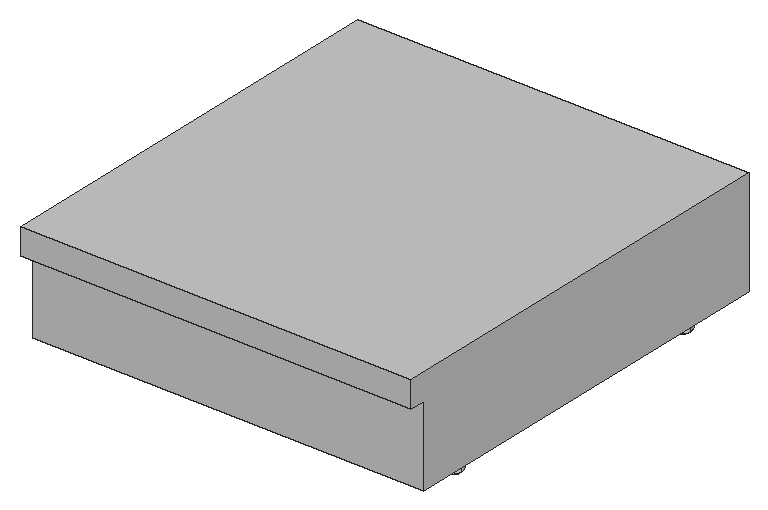
Revit family "RVT_MACON_MN7xC-x 03 23 A", category Specialty Equipment, Revit 2020
Family settings
  Round Connector Dimension = Use Diameter
  Part Type = Normal
  OmniClass Number = 23.40.40.14.17
  OmniClass Title = Food Cooking Equipment
  Work Plane-Based = No
  Always vertical = Yes
  Cut with Voids When Loaded = No
  Shared = No
  Room Calculation Point = No
Parameters (values of type "MN92C-S")
  Width = 900 mm
  Weight = 20.00 kg
  Volume = 1.3 m³
  URL = "https://www.acosmacom.com.br/"
  Show Clearances = no
  Model = "MN72C-S"
  Height = 245 mm
  Manufacturer = "MACOM"
  Default Elevation = 0 mm
  Door 2 = no
  Door 1 = no
  Description = "MÓDULO NEUTRO SIMPLES 720 MACOM"
  Depth = 972 mm
Types (5, lengths in mm): name | Width | Weight | Volume | Show Clearances | Model | Door 2 | Door 1 | Description
  (no name) | 900 | 20.00 kg | 1.3 m³ | no | "MN72C-S" | no | no | "MÓDULO NEUTRO SIMPLES 720 MACOM"
  MN92C-G | 900 | 20.00 kg | 1.3 m³ | yes | "MN72C-G" | yes | yes | "MÓDULO NEUTRO COM GAVETA 720 MACOM"
  MN91C-G | 450 | 13.00 kg | 0.06 m³ | yes | "MN71C-G" | yes | yes | "MÓDULO NEUTRO COM GAVETA 360 MACOM"
  MN92C-S | 900 | 20.00 kg | 1.3 m³ | no | "MN72C-S" | no | no | "MÓDULO NEUTRO SIMPLES 720 MACOM"
  MN91C-S | 450 | 13.00 kg | 0.06 m³ | no | "MN71C-S" | no | no | "MÓDULO NEUTRO SIMPLES 360 MACOM"
Reference planes
  plane 1 "Centro (Frente/Trás)": y = 0
  plane 2: z = 0.008
  plane 3 "Centro (Esquerda/Direita)": x = 0
  plane 4: z = 20.008
  plane 5: z = 265.008
  plane 6: y = -935.65
  plane 7: y = -972
  plane 8: z = 204.508
  plane 9: x = 900
  plane 10: z = 0.008
  plane 11: x = 900
  plane 12: x = 0
  plane 13: y = -935.65
  plane 14: x = 30
  plane 15: x = 870
  plane 16: y = -150
  plane 17: y = -810
  plane 18: z = 0.008
  plane 19: z = 500.008
  plane 20: z = 95.008
Forms (mm)
  Extrusion 1, solid, material "QF_Metal_Stainless Steel"
    sketch origin (0, 2, 0) x (0, 1, 0) y (0, 0, 1)
      loop
        line (0, 20.008) -> (0, 265.008) -> (-972, 265.008) -> (-972, 204.508) -> (-935.65, 204.508) -> (-935.65, 20.008) -> (0, 20.008)
    from 0 to 900
Lines and regions (mm)
  symbolic lines
    curve 1: line (0, 0, 0.008) -> (900, 0, 0.008)
    curve 2: line (0, -972, 0.008) -> (0, 0, 0.008)
    curve 3: line (900, -972, 0.008) -> (0, -972, 0.008)
    curve 4: line (900, 0, 0.008) -> (900, -972, 0.008)
  symbolic lines, not visible
    curve 5: circle (180, -208.5, 500.008) r 16 normal (0, 0, 1)
    curve 6: line (27.5, -331, 500.008) -> (27.5, -652.35, 500.008)
    curve 7: arc (27.5, -652.35, 500.008) -> (50.931, -708.919, 500.008) -> (107.5, -732.35, 500.008) r 80
    curve 8: line (107.5, -732.35, 500.008) -> (792.5, -732.35, 500.008)
    curve 9: arc (792.5, -732.35, 500.008) -> (849.069, -708.919, 500.008) -> (872.5, -652.35, 500.008) r 80
    curve 10: line (872.5, -652.35, 500.008) -> (872.5, -331, 500.008)
    curve 11: arc (872.5, -331, 500.008) -> (849.069, -274.431, 500.008) -> (792.5, -251, 500.008) r 80
    curve 12: line (792.5, -251, 500.008) -> (107.5, -251, 500.008)
    curve 13: arc (107.5, -251, 500.008) -> (50.931, -274.431, 500.008) -> (27.5, -331, 500.008) r 80
    curve 14: circle (141.349, -497.17, 500.008) r 45.136 normal (0, 0, 1)
Dimensions and locks
  "Width": plane 3 "Centro (Esquerda/Direita)" to plane 9
  "Depth": plane 7 to plane 1 "Centro (Frente/Trás)"
  plane 6 to plane 7 = 36.35 mm
  locked: plane 4 to level at 20
  "Height": plane 5 to plane 4
  plane 1 "Centro (Frente/Trás)" to plane 16 = 150 mm
  locked: plane 11 to plane 15 at 30
  locked: plane 14 to plane 12 at 30
  level to plane 19 = 500 mm
  plane 16 to plane 17 = 660 mm
  aligned and locked: level to plane 2
  aligned and locked: plane 10 to level
  aligned and locked: plane 4 to nested 1
  aligned and locked: plane 12 to nested 1
  aligned and locked: plane 3 "Centro (Esquerda/Direita)" to plane 12
  aligned and locked: plane 9 to plane 11
  aligned and locked: plane 13 to nested 1
  aligned and locked: plane 13 to plane 6
  aligned and locked: plane 15 to nested 4
  aligned and locked: plane 15 to nested 3
  aligned and locked: plane 17 to nested 3
  aligned and locked: plane 14 to nested 2
  aligned and locked: plane 14 to nested 5
  aligned and locked: plane 18 to nested 4
  aligned and locked: plane 18 to nested 2
  aligned and locked: plane 18 to nested 5
  aligned and locked: plane 18 to nested 3
  aligned and locked: plane 18 to level
  aligned and locked: plane 9 to Extrusion 1
Automatic sketch dimensions
  Extrusion 1 sketch curve to plane 7 = 2 mm
  Extrusion 1 sketch curve to plane 4 = 0 mm
  Extrusion 1 sketch curve to plane 6 = 2 mm
  Extrusion 1 sketch curve to plane 1 "Centro (Frente/Trás)" = 2 mm
  Extrusion 1 sketch curve to plane 8 = 0 mm
  Extrusion 1 sketch curve to plane 5 = 0 mm
  curve 3 to plane 3 "Centro (Esquerda/Direita)" = 0 mm
  plane 7 to curve 3 = 0 mm
  curve 3 to plane 9 = 0 mm
  plane 1 "Centro (Frente/Trás)" to curve 2 = 0 mm
  curve 6 to plane 14 = 2.5 mm
  plane 14 to curve 12 = 77.5 mm
  plane 14 to curve 8 = 77.5 mm
  plane 14 to curve 14 = 111.349 mm
  curve 13 to curve 5 = 72.5 mm
  curve 12 to plane 15 = 77.5 mm
  curve 9 to plane 15 = 77.5 mm
  plane 15 to curve 10 = 2.5 mm
  curve 8 to plane 17 = 77.65 mm
  curve 7 to curve 14 = 155.18 mm
  plane 16 to curve 6 = 181 mm
  plane 16 to curve 5 = 58.5 mm
  radius of curve 5 = 16 mm
  radius of curve 14 = 45.136 mm
Nested families
  nested 1: "Porta Modulo Neutro" at (0, -935.65, 0.008), Show Clearances <- "Show Clearances", visible <- "Door 1", Width <- "Width", type "MN91C-G"
    with Width 900 mm, Show Clearances no
  nested 2: "Pé de apoio" at (30, -810, -4.592), type "Pé de apoio"
  nested 3: "Pé de apoio" at (870, -810, -4.592), type "Pé de apoio"
  nested 4: "Pé de apoio" at (870, -150, -4.592), type "Pé de apoio"
  nested 5: "Pé de apoio" at (30, -150, -4.592), type "Pé de apoio"
Definition of nested family "Porta Modulo Neutro"
  Parameters (values of type "MN71C-G")
    Width [instance] = 360 mm
    URL = ""
    Show Clearances [instance] = yes
    Model = ""
    Manufacturer = ""
    Default Elevation = 0 mm
    Description = ""
  Reference planes
    plane 1 "Centro (Frente/Trás)": y = 0
    plane 2: z = 0
    plane 3 "Centro (Esquerda/Direita)": x = 0
    plane 4: z = 265
    plane 5: z = 20
    plane 6: z = 203.078
    plane 7: x = 360
    plane 8: z = -0.028
  Forms (mm)
    Extrusion 1, solid
      sketch origin (0, 705.986, 13.313) x (0, 1, 0) y (0, 0, 1)
        loop
          line (-705.986, 180.324) -> (-715.661, 180.324) -> (-715.661, 188.374) -> (-716.604, 188.374)
          arc (-716.604, 188.374) -> (-717.078, 189.364) -> (-718.1, 189.765) r 1.5
          line (-718.1, 189.765) -> (-730.661, 189.765) -> (-730.661, 6.715) -> (-718.1, 6.715)
          arc (-718.1, 6.715) -> (-717.057, 7.137) -> (-716.601, 8.165) r 1.5
          line (-716.601, 8.165) -> (-715.35, 8.165) -> (-715.35, 16.715) -> (-705.986, 16.715) -> (-705.986, 180.324)
      from 0 to 360
    Extrusion 2, solid, visible <- "Show Clearances", detail levels coarse
      sketch origin (0, 707.1, -634.972) x (0, 1, 0) y (0, 0, 1)
        loop
          line (-708.425, 654.972) -> (-708.425, 836.659) -> (-1263.1, 836.659) -> (-1263.1, 654.972) -> (-708.425, 654.972)
      from 0 to 360
  Dimensions and locks
    locked: plane 5 to plane 4 at 245
    Extrusion 1 to Extrusion 2 sketch curve = 531.325 mm
    "Width": plane 3 "Centro (Esquerda/Direita)" to plane 7
    locked: plane 8 to plane 5 at 20.028
    Extrusion 1 sketch curve to Extrusion 1 sketch curve to Extrusion 1 sketch curve to Extrusion 1 sketch curve to Extrusion 1 sketch curve to Extrusion 1 sketch curve = 1.45 mm locked, 8.55 mm locked, 163.608 mm locked, 8.05 mm locked, 1.391 mm locked
    Extrusion 1 sketch curve to Extrusion 1 sketch curve to Extrusion 1 sketch curve to Extrusion 1 sketch curve to Extrusion 1 sketch curve = 9.364 mm, 1.251 mm locked, 1.499 mm locked, 12.561 mm locked
    plane 4 to level = 265 mm
    Extrusion 2 sketch curve to Extrusion 2 sketch curve = 554.675 mm
    aligned and locked: level to plane 2
    aligned and locked: Extrusion 2 to plane 7
    aligned and locked: Extrusion 2 to Extrusion 1
  Automatic sketch dimensions
    plane 6 to Extrusion 1 sketch curve = 0 mm
    Extrusion 1 sketch curve to plane 1 "Centro (Frente/Trás)" = 0 mm
    plane 1 "Centro (Frente/Trás)" to Extrusion 1 sketch curve = 12.114 mm
    Extrusion 1 sketch curve to Extrusion 1 sketch curve = 1.496 mm
    Extrusion 1 sketch curve to Extrusion 1 sketch curve = 0.943 mm
    plane 5 to Extrusion 2 sketch curve = 0 mm
    plane 6 to Extrusion 2 sketch curve = 1.391 mm
Definition of nested family "Pé de apoio"
  Parameters (values of type "Pé de apoio")
    Default Elevation = 0 mm
  Reference planes
    plane 1 "Centro (Frente/Trás)": y = 0
    plane 2: z = 0
    plane 3 "Centro (Esquerda/Direita)": x = 0
  Forms (mm)
    Revolve 1, solid
      sketch origin (0, 0, 0) x (1, 0, 0) y (0, 0, 1)
        loop
          line (0, 4.6) -> (18.5, 4.6) -> (18.5, 6.565) -> (19.685, 6.565) -> (17.281, 20.026) -> (15.5, 20.026) -> (15.5, 21.498) -> (4, 21.498) -> (4, 24.6) -> (0, 24.6) -> (0, 4.6)
        axis (0, 24.6) -> (0, 4.6)
      angle from 0 to 360
  Dimensions and locks
    Revolve 1 sketch curve to Revolve 1 sketch curve = 20 mm
    aligned and locked: level to plane 2
